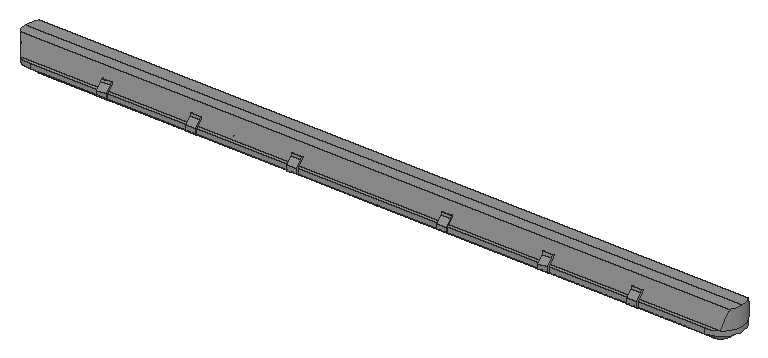
Revit family "ДСП-01 60 Вт 1500", category Осветительные приборы, Revit 2019 (continued)
Types (2, lengths in mm): name | Файл фотометрической сетки | built-in parameter 1150142 | built-in parameter 1150134 | built-in parameter 1150107 | Артикул | URL
  ДСП-01-ПП-60-1500-4К-IP65 | "INNOLUX 14 733 DSP-01-PP-60-1500-4K-IP65.ies" | "IESNA: LM-63-1995\r\n[TEST] lab - arhilight 1912726\r\n[MANUFAC] INNOLUX\r\n [LUMCAT] 14 733\r\n[LUMINAIRE] DSP-01-PP-60-1500-4Ê-IP65\r\n[LAMPCAT] LED 60W 4000K\r\n[MORE] \r\n[MORE]\r\n[LAMPCAT]\r\n[LAMP]  \r\n[BALLAST] NO\r\n[_PRODUCTGROUP] \r\n[_INFOLINK] This file is created by A.Arkhipov (www.arhilight.ru)\r\nTILT=NONE\r\n \r\n1 6771 6.7 161 73 1 2 1.49 0.095 0.075\r\n 1  1 60.0\r\n\r\n0 1 2 3 4 5 6 7 8 9 10 11 12 13 14 15 16 17 18 19 20 21 22 23 24 25 26 27 28 29 30 31 32 33 34 35 36 37 38 39 40 41 42 43 44 45 46 47 48 49 50 51 52 53 54 55 56 57 58 59 60 61 62 63 64 65 66 67 68 69 70 71 72 73 74 75 76 77 78 79 80 81 82 83 84 85 86 87 88 89 90 91 92 93 94 95 96 97 98 99 100 101 102 103 104 105 106 107 108 109 110 111 112 113 114 115 116 117 118 119 120 121 122 123 124 125 126 127 128 129 130 131 132 133 134 135 136 137 138 139 140 141 142 143 144 145 146 147 148 149 150 151 152 153 154 155 156 157 158 159 160\r\n\r\n0 2.5 5 7.5 10 12.5 15 17.5 20 22.5 25 27.5 30 32.5 35 37.5 40 42.5 45 47.5 50 52.5 55 57.5 60 62.5 65 67.5 70 72.5 75 77.5 80 82.5 85 87.5 90 92.5 95 97.5 100 102.5 105 107.5 110 112.5 115 117.5 120 122.5 125 127.5 130 132.5 135 137.5 140 142.5 145 147.5 150 152.5 155 157.5 160 162.5 165 167.5 170 172.5 175 177.5 180 \r\n\r\n292.3 292.5 292.5 292.5 292.3 292 291.6 291.2 290.6 289.9 289.1 288.3 287.3 286.1 284.9 283.6 282.2 280.7 279 277.4 275.5 273.6 271.6 269.5 267.4 265.1 262.7 260.3 257.6 255 252.3 249.4 246.5 243.5 240.5 237.2 234 230.7 227.4 223.8 220.3 216.6 213 209.1 205.4 201.4 197.4 193.4 189.4 185.2 181 176.7 172.3 167.9 163.4 158.8 154.2 149.5 144.9 140 135.3 130.4 125.6 120.7 115.8 110.8 105.8 100.8 95.7 90.5 85.5 80.3 75.2 70.1 65 59.9 55 49.9 45.1 40.3 35.6 31.1 26.7 22.7 18.9 15.4 12.3 9.6 7.4 5.9 4.9 4.4 4.2 4.2 4.2 4.1 4 4 3.9 3.9 3.9 3.9 3.9 3.8 3.8 3.8 3.8 3.7 3.7 3.7 3.7 3.6 3.6 3.6 3.6 3.6 3.6 3.6 3.6 3.6 3.6 3.5 3.5 3.5 3.5 3.6 3.5 3.6 3.6 3.6 3.6 3.6 3.6 3.6 3.6 3.6 3.6 3.7 3.7 3.7 3.7 3.7 3.7 3.8 3.7 3.8 3.8 3.8 3.8 3.8 0 0 0 0 0 0 0 0 0 0 0\r\n292.2 292.4 292.4 292.4 292.2 292 291.6 291.2 290.6 289.9 289.1 288.3 287.2 286.1 284.9 283.6 282.2 280.7 279 277.3 275.5 273.6 271.6 269.5 267.3 265 262.6 260.2 257.6 255 252.2 249.3 246.4 243.4 240.3 237.1 233.9 230.6 227.2 223.7 220.2 216.5 212.8 209 205.2 201.2 197.3 193.2 189.1 184.9 180.7 176.4 172.1 167.6 163.1 158.4 153.9 149.1 144.4 139.6 134.8 129.9 125.1 120.1 115.2 110.2 105.2 100.1 95 89.8 84.7 79.5 74.4 69.2 64.2 59.1 54.1 49.1 44.3 39.5 34.8 30.3 26 21.9 18.2 14.7 11.7 9.1 7.1 5.7 4.8 4.3 4.1 4.1 4 4 3.9 3.9 3.8 3.8 3.8 3.8 3.7 3.7 3.7 3.7 3.6 3.6 3.6 3.6 3.6 3.5 3.5 3.5 3.5 3.5 3.5 3.5 3.5 3.5 3.5 3.5 3.5 3.5 3.5 3.5 3.5 3.6 3.6 3.6 3.6 3.7 3.7 3.7 3.7 3.7 3.7 3.7 3.7 3.8 3.8 1.8 1.9 1.9 1.9 1.9 1.9 1.9 1.9 1.9 0 0 0 0 0 0 0 0 0 0 0\r\n292.1 292.2 292.3 292.3 292.2 292 291.6 291.2 290.6 289.9 289.1 288.2 287.2 286.1 284.9 283.6 282.2 280.7 279 277.3 275.5 273.6 271.6 269.5 267.3 265 262.6 260.2 257.6 254.9 252.1 249.3 246.3 243.3 240.2 237 233.8 230.5 227.1 223.6 220 216.4 212.7 208.8 205 201 197.1 193 188.9 184.7 180.4 176.1 171.8 167.3 162.8 158.1 153.5 148.8 144 139.2 134.4 129.4 124.6 119.6 114.7 109.5 104.5 99.4 94.3 89.1 84 78.7 73.5 68.4 63.4 58.2 53.2 48.2 43.4 38.7 34 29.6 25.2 21.1 17.4 14.1 11.1 8.7 6.8 5.5 4.7 4.2 4 3.9 3.9 3.9 3.8 3.8 3.7 3.7 3.7 3.6 3.6 3.6 3.6 3.5 3.5 3.5 3.5 3.5 3.5 3.4 3.5 3.4 3.4 3.4 3.4 3.5 3.4 3.5 3.4 3.5 3.5 3.5 3.5 3.5 3.6 3.6 3.6 3.6 3.6 3.7 3.7 3.7 3.7 3.7 3.8 3.8 3.8 3.8 3.8 0 0 0 0 0 0 0 0 0 0 0 0 0 0 0 0 0 0 0 0\r\n292 292.2 292.3 292.3 292.3 292 291.6 291.2 290.7 290 289.3 288.4 287.5 286.4 285.2 283.9 282.5 281 279.4 277.7 275.9 274 272 269.9 267.7 265.5 263.1 260.7 258 255.4 252.7 249.9 246.9 244 240.9 237.7 234.5 231.1 227.8 224.3 220.7 217.1 213.4 209.5 205.7 201.7 197.7 193.6 189.5 185.3 181.1 176.7 172.4 167.8 163.3 158.7 154.1 149.4 144.7 139.8 135 130.1 125.2 120.1 115.2 110.1 105 99.9 94.8 89.6 84.4 79.2 74.1 69 63.9 58.8 53.9 48.9 44.2 39.4 34.8 30.4 26.2 22.2 18.6 15.3 12.4 10 8.1 6.7 5.6 5 4.5 4.3 4.1 4 3.9 3.8 3.8 3.7 3.7 3.7 3.6 3.6 3.6 3.6 3.6 3.5 3.5 3.5 3.5 3.4 3.5 3.4 3.5 3.4 3.4 3.5 3.4 3.5 3.5 3.5 3.5 3.5 3.5 3.5 3.5 3.6 3.6 3.6 3.6 3.6 3.7 3.7 3.7 3.7 3.7 1.9 1.9 1.9 1.9 0 0 0 0 0 0 0 0 0 0 0 0 0 0 0 0 0 0 0 0\r\n292 292.1 292.4 292.3 292.3 292 291.7 291.3 290.7 290.2 289.4 288.6 287.7 286.6 285.5 284.2 282.7 281.3 279.7 278.1 276.3 274.4 272.5 270.4 268.2 266 263.6 261.2 258.5 256 253.3 250.5 247.6 244.6 241.6 238.4 235.2 231.8 228.4 224.9 221.4 217.7 214 210.2 206.4 202.4 198.4 194.3 190.2 185.9 181.7 177.3 173 168.4 163.9 159.3 154.7 150 145.3 140.4 135.6 130.7 125.8 120.7 115.8 110.6 105.5 100.4 95.2 90.1 84.9 79.8 74.7 69.5 64.5 59.4 54.6 49.6 44.9 40.2 35.6 31.3 27.1 23.3 19.7 16.5 13.7 11.3 9.4 7.8 6.6 5.7 5.1 4.6 4.3 4.1 3.9 3.9 3.8 3.8 3.8 3.7 3.7 3.6 3.6 3.6 3.6 3.6 3.6 3.6 3.5 3.5 3.5 3.5 3.5 3.5 3.5 3.5 3.4 3.5 3.5 3.5 3.4 3.5 3.5 3.5 3.5 3.6 3.6 3.5 3.6 3.6 3.6 3.6 3.6 3.7 3.6 0 0 0 0 0 0 0 0 0 0 0 0 0 0 0 0 0 0 0 0 0 0 0 0\r\n292 292.1 292.3 292.2 292.1 291.8 291.5 291 290.5 289.8 289.1 288.2 287.3 286.2 285 283.7 282.3 280.9 279.3 277.6 275.8 273.9 272 269.9 267.7 265.4 263.1 260.7 258 255.5 252.7 250 247 244.1 241 237.9 234.7 231.3 227.9 224.5 221 217.4 213.7 209.9 206.1 202.2 198.2 194.1 190.1 185.8 181.7 177.3 173 168.5 164.1 159.5 155 150.3 145.7 140.8 136.1 131.2 126.3 121.4 116.6 111.5 106.5 101.5 96.5 91.3 86.3 81.2 76.2 71.1 66.2 61.2 56.4 51.6 47 42.4 38 33.8 29.8 26 22.5 19.4 16.6 14.2 12.1 10.4 9 7.8 6.9 6.1 5.5 5.1 4.8 4.5 4.3 4.2 4.1 4 4 4 3.9 3.9 3.9 3.8 3.8 3.8 3.8 3.7 3.8 3.7 3.7 3.7 3.7 3.7 3.7 3.6 3.7 3.7 3.6 3.7 3.7 3.7 3.7 3.7 3.7 3.7 3.7 3.7 3.8 3.7 3.8 3.8 3.8 1.9 1.9 1.9 1.9 1.9 1.9 1.9 1.9 1.9 1.9 1.9 0 0 0 0 0 0 0 0 0 0 0 0 0\r\n291.9 292.1 292.1 292.1 291.9 291.7 291.3 290.8 290.3 289.5 288.8 287.9 286.9 285.8 284.6 283.3 281.9 280.4 278.8 277.1 275.3 273.4 271.5 269.3 267.2 264.9 262.5 260.1 257.6 254.9 252.2 249.4 246.5 243.6 240.4 237.3 234.1 230.8 227.5 224 220.6 217 213.4 209.6 205.8 201.9 198 193.9 189.9 185.7 181.6 177.4 173.1 168.7 164.3 159.8 155.3 150.6 146 141.2 136.5 131.7 126.9 122.1 117.3 112.4 107.6 102.6 97.7 92.6 87.7 82.6 77.7 72.7 67.8 62.9 58.3 53.6 49.1 44.7 40.4 36.4 32.4 28.8 25.4 22.3 19.5 17.1 14.8 12.9 11.3 9.9 8.7 7.7 6.8 6.1 5.6 5.1 4.8 4.5 4.4 4.3 4.3 4.3 4.2 4.2 4.1 4.1 4.1 4.1 4.1 4 4 4 3.9 4 3.9 3.9 3.9 3.8 3.9 3.9 3.9 3.9 3.9 3.8 3.9 3.9 3.9 3.9 3.9 3.8 3.9 3.9 3.9 3.9 3.9 3.9 3.8 3.8 3.8 3.8 3.8 3.8 3.8 3.9 3.9 3.9 0 0 0 0 0 0 0 0 0 0 0 0 0\r\n291.9 292.1 292.1 292 291.9 291.6 291.2 290.8 290.2 289.5 288.7 287.8 286.8 285.7 284.5 283.2 281.8 280.3 278.7 277.1 275.3 273.4 271.4 269.3 267.1 264.9 262.5 260.1 257.5 254.9 252.2 249.4 246.5 243.6 240.4 237.3 234.1 230.8 227.4 224 220.6 217 213.4 209.7 205.9 202 198.1 194.1 190.1 185.9 181.8 177.4 173.2 168.8 164.5 159.9 155.5 150.8 146.3 141.5 136.8 132 127.2 122.4 117.7 112.8 108 103.1 98.3 93.3 88.5 83.6 78.7 73.8 69 64.3 59.7 55.1 50.7 46.4 42.2 38.3 34.5 30.9 27.6 24.6 21.8 19.3 17.1 15.1 13.3 11.8 10.4 9.2 8.2 7.4 6.7 6 5.6 5.2 4.9 4.7 4.5 4.4 4.3 4.3 4.2 4.2 4.2 4.2 4.1 4.1 4.1 4 4 4 4 4 4 3.9 3.9 3.9 3.9 3.9 3.9 3.9 3.9 3.9 3.9 3.9 3.9 3.9 3.9 3.9 3.9 3.8 3.8 3.8 3.8 3.8 3.8 3.8 3.8 3.8 3.8 3.8 3.8 3.8 1.9 1.9 1.9 1.9 0 0 0 0 0 0 0 0 0\r\n291.9 292 292.1 292 291.8 291.6 291.2 290.8 290.1 289.5 288.7 287.8 286.8 285.6 284.4 283.1 281.7 280.3 278.7 277 275.2 273.3 271.3 269.3 267.1 264.8 262.5 260.1 257.5 254.9 252.2 249.4 246.5 243.6 240.5 237.3 234.1 230.8 227.4 224 220.5 217 213.4 209.7 206 202.1 198.2 194.2 190.2 186 181.9 177.5 173.3 168.9 164.6 160.1 155.7 151 146.5 141.8 137.1 132.3 127.6 122.7 118 113.2 108.4 103.6 98.9 94 89.3 84.5 79.7 74.9 70.3 65.6 61.2 56.6 52.3 48.1 44.1 40.2 36.6 33.1 29.8 26.9 24.1 21.6 19.3 17.3 15.3 13.6 12.1 10.8 9.6 8.7 7.8 7 6.4 5.8 5.4 5 4.7 4.5 4.5 4.4 4.4 4.3 4.3 4.3 4.2 4.2 4.2 4.1 4.1 4.1 4.1 4.1 4 4 4 4 4 4 4 4 4 3.9 4 3.9 3.9 3.9 3.9 3.9 3.8 3.8 3.8 3.8 3.8 3.8 3.8 3.8 3.8 3.8 3.8 3.8 3.8 3.8 3.8 3.8 3.8 3.9 0 0 0 0 0 0 0 0 0\r\n291.8 292 292.1 292 291.8 291.6 291.2 290.8 290.2 289.5 288.7 287.9 286.9 285.8 284.7 283.4 282 280.5 278.9 277.3 275.5 273.6 271.7 269.7 267.6 265.3 263 260.6 258.1 255.5 252.7 249.9 247.1 244.1 241.1 237.9 234.8 231.4 228.1 224.6 221.2 217.6 214 210.2 206.5 202.6 198.7 194.7 190.7 186.5 182.3 178 173.8 169.4 165 160.5 156.1 151.5 147 142.3 137.6 132.9 128.2 123.4 118.7 113.9 109.2 104.4 99.7 94.9 90.2 85.5 80.9 76.2 71.7 67.1 62.8 58.5 54.3 50.3 46.3 42.7 39.1 35.8 32.6 29.8 27 24.5 22.1 20 18 16.2 14.6 13.1 11.8 10.7 9.6 8.7 7.9 7.2 6.5 6 5.5 5.2 4.9 4.7 4.5 4.4 4.4 4.3 4.3 4.3 4.2 4.2 4.2 4.1 4.1 4.1 4.1 4.1 4.1 4.1 4.1 4.1 4 4 4.1 4 4.1 4.1 4.1 4.1 4 4.1 4 4 4 4.1 4 4 4.1 4 4.1 4.1 4.1 4.1 4.1 4.1 4.1 4.1 4.1 4.1 2.2 2.2 2.2 2.2 2.2 2.2 2.2 0 0\r\n291.8 291.9 292 292 291.8 291.6 291.2 290.8 290.2 289.6 288.8 288 287.1 286 284.9 283.6 282.2 280.8 279.2 277.5 275.8 273.9 272.1 270.1 268 265.9 263.5 261.2 258.6 256.1 253.3 250.5 247.7 244.7 241.7 238.5 235.4 232.1 228.8 225.3 221.8 218.2 214.6 210.8 207 203.1 199.2 195.1 191.1 186.9 182.8 178.5 174.2 169.8 165.5 161 156.6 152 147.4 142.8 138.2 133.4 128.8 124 119.3 114.6 109.9 105.2 100.5 95.8 91.2 86.5 82 77.4 73.1 68.6 64.5 60.3 56.3 52.4 48.6 45.1 41.7 38.5 35.5 32.6 29.9 27.3 24.9 22.7 20.7 18.8 17 15.4 14 12.7 11.4 10.3 9.4 8.5 7.7 7 6.4 5.8 5.3 4.9 4.7 4.5 4.4 4.4 4.3 4.3 4.3 4.3 4.2 4.2 4.2 4.2 4.2 4.2 4.2 4.2 4.1 4.2 4.1 4.1 4.2 4.2 4.2 4.2 4.2 4.2 4.2 4.3 4.2 4.3 4.3 4.3 4.3 4.3 4.3 4.3 4.3 4.3 4.4 4.3 4.4 4.4 4.4 4.4 4.4 4.4 4.4 4.4 4.4 4.4 4.4 4.4 4.4 0 0\r\n291.8 291.9 292 291.9 291.8 291.6 291.2 290.8 290.3 289.7 288.9 288.1 287.2 286.1 285 283.8 282.4 281 279.4 277.8 276 274.2 272.3 270.3 268.2 266.1 263.8 261.4 258.9 256.4 253.6 250.9 248 245.1 242.1 239 235.9 232.6 229.3 225.9 222.4 218.8 215.2 211.4 207.7 203.8 200 195.9 191.9 187.8 183.6 179.4 175.1 170.8 166.4 162 157.6 153 148.5 143.9 139.4 134.7 130.1 125.5 120.8 116.2 111.6 106.9 102.4 97.7 93.2 88.6 84.2 79.8 75.5 71.2 67.1 63 59 55.2 51.5 48 44.6 41.5 38.4 35.6 32.8 30.2 27.7 25.5 23.3 21.3 19.5 17.8 16.2 14.8 13.4 12.2 11.1 10.1 9.2 8.4 7.6 7 6.3 5.8 5.4 5 4.8 4.7 4.5 4.5 4.5 4.5 4.4 4.4 4.4 4.4 4.4 4.4 4.3 4.3 4.3 4.3 4.3 4.3 4.3 4.3 4.3 4.3 4.3 4.3 4.3 4.4 4.4 4.4 4.4 4.4 4.4 4.4 4.4 4.4 4.4 4.4 4.4 4.4 4.5 4.5 4.4 4.5 4.5 4.5 4.5 4.5 4.5 2.2 2.2 2.2 2.2 0 0\r\n291.7 291.9 292 291.9 291.7 291.5 291.2 290.8 290.3 289.7 289 288.2 287.3 286.3 285.1 283.9 282.6 281.1 279.6 278 276.3 274.5 272.5 270.6 268.4 266.3 264 261.6 259.1 256.6 253.9 251.2 248.4 245.5 242.5 239.4 236.4 233.1 229.8 226.4 223 219.4 215.8 212.1 208.4 204.5 200.7 196.7 192.7 188.6 184.5 180.3 176 171.7 167.4 163 158.6 154.1 149.7 145.1 140.6 136 131.5 126.9 122.4 117.8 113.3 108.7 104.2 99.6 95.2 90.8 86.4 82.1 77.9 73.7 69.7 65.6 61.8 58 54.4 50.9 47.6 44.4 41.4 38.5 35.7 33.1 30.6 28.3 26 23.9 22 20.2 18.4 16.9 15.4 14.1 12.8 11.8 10.7 9.7 8.9 8.1 7.4 6.7 6.1 5.6 5.3 4.9 4.8 4.8 4.7 4.7 4.7 4.6 4.6 4.6 4.5 4.5 4.5 4.5 4.4 4.4 4.4 4.4 4.4 4.4 4.4 4.4 4.4 4.4 4.5 4.5 4.5 4.5 4.5 4.5 4.5 4.5 4.5 4.5 4.5 4.5 4.5 4.5 4.5 4.5 4.5 4.6 4.6 4.5 4.6 4.6 4.6 0 0 0 0 0 0\r\n291.8 291.9 292 291.9 291.7 291.5 291.1 290.7 290.2 289.6 288.8 288 287 286 284.9 283.7 282.3 280.9 279.3 277.7 275.9 274.2 272.2 270.2 268.1 265.9 263.6 261.3 258.8 256.2 253.5 250.8 248 245.1 242.1 239 235.9 232.6 229.3 225.9 222.5 218.9 215.3 211.5 207.8 204 200.1 196.1 192.1 188 184 179.7 175.5 171.2 167 162.6 158.3 153.8 149.4 144.9 140.5 136 131.6 127 122.6 118.1 113.6 109.1 104.8 100.3 96 91.7 87.4 83.2 79.2 75.1 71.2 67.2 63.5 59.8 56.3 52.9 49.7 46.6 43.5 40.7 37.9 35.3 32.8 30.5 28.2 26.1 24.1 22.2 20.5 18.8 17.3 15.9 14.5 13.3 12.2 11.1 10.1 9.3 8.4 7.7 6.9 6.3 5.8 5.4 5 4.9 4.7 4.6 4.6 4.6 4.6 4.5 4.5 4.5 4.4 4.4 4.4 4.4 4.4 4.3 4.3 4.4 4.3 4.3 4.3 4.4 4.4 4.4 4.4 4.4 4.4 4.4 4.5 4.4 4.5 4.4 4.5 4.4 4.5 4.5 4.5 4.5 4.5 4.5 4.5 4.5 4.6 4.5 4.6 2.2 2.2 2.2 2.2 2.2 2.3\r\n291.8 291.9 292 291.9 291.7 291.4 291 290.5 290 289.4 288.6 287.8 286.8 285.8 284.6 283.4 282 280.6 279 277.4 275.6 273.8 271.9 269.9 267.8 265.6 263.3 260.9 258.4 255.9 253.2 250.4 247.6 244.6 241.6 238.5 235.4 232 228.8 225.3 221.9 218.3 214.7 211 207.2 203.4 199.5 195.5 191.6 187.5 183.4 179.2 175.1 170.8 166.5 162.3 157.9 153.5 149.2 144.8 140.5 136 131.6 127.2 122.8 118.4 114 109.6 105.3 101 96.8 92.6 88.5 84.4 80.4 76.4 72.6 68.8 65.2 61.6 58.2 54.9 51.8 48.7 45.7 42.9 40.1 37.5 35 32.7 30.4 28.3 26.2 24.3 22.5 20.8 19.2 17.6 16.2 14.9 13.7 12.5 11.4 10.4 9.5 8.6 7.8 7 6.4 5.8 5.3 4.9 4.7 4.6 4.5 4.5 4.5 4.5 4.4 4.4 4.4 4.4 4.3 4.3 4.3 4.3 4.3 4.3 4.3 4.3 4.3 4.3 4.3 4.4 4.3 4.3 4.4 4.4 4.4 4.4 4.4 4.4 4.4 4.4 4.4 4.4 4.4 4.5 4.5 4.4 4.5 4.5 4.5 4.5 4.5 4.5 4.5 4.5 4.5 4.5 4.5\r\n291.7 291.9 291.9 291.8 291.6 291.4 291 290.5 289.9 289.3 288.6 287.7 286.7 285.7 284.5 283.3 281.9 280.5 278.9 277.3 275.5 273.7 271.8 269.8 267.7 265.6 263.2 260.8 258.3 255.8 253.1 250.4 247.5 244.6 241.6 238.5 235.4 232.1 228.8 225.4 222 218.4 214.9 211.1 207.4 203.6 199.8 195.8 191.9 187.8 183.8 179.6 175.5 171.3 167.1 162.8 158.6 154.2 149.9 145.6 141.3 136.9 132.6 128.2 123.9 119.5 115.2 110.9 106.7 102.5 98.3 94.2 90.1 86.1 82.2 78.3 74.6 70.9 67.4 63.9 60.5 57.3 54.1 51.1 48.1 45.3 42.6 40 37.5 35.1 32.8 30.6 28.5 26.5 24.6 22.9 21.2 19.6 18.1 16.7 15.4 14.1 13 11.9 10.9 9.9 9 8.1 7.3 6.7 6 5.6 5.2 5 4.8 4.7 4.7 4.6 4.6 4.6 4.5 4.5 4.5 4.5 4.5 4.4 4.4 4.5 4.5 4.4 4.4 4.5 4.5 4.5 4.5 4.5 4.5 4.5 4.5 4.5 4.6 4.5 4.6 4.5 4.6 4.6 4.5 4.6 4.6 4.6 4.6 4.6 4.6 4.6 4.6 4.6 4.6 4.6 4.6 4.6 4.6\r\n291.7 291.8 291.8 291.7 291.6 291.3 291 290.4 289.8 289.3 288.5 287.6 286.6 285.6 284.4 283.2 281.8 280.4 278.8 277.2 275.5 273.7 271.8 269.8 267.6 265.5 263.1 260.7 258.3 255.7 253 250.3 247.5 244.6 241.6 238.5 235.4 232.1 228.9 225.5 222 218.4 215 211.3 207.6 203.8 200 196.1 192.2 188.2 184.2 180.1 176 171.8 167.7 163.4 159.2 154.9 150.7 146.3 142.1 137.8 133.5 129.2 124.9 120.6 116.4 112.2 108.1 104 99.9 95.8 91.8 87.9 84 80.2 76.6 73 69.5 66.1 62.7 59.6 56.4 53.5 50.5 47.7 45 42.4 39.9 37.5 35.1 32.9 30.8 28.8 26.8 25 23.2 21.5 20 18.5 17.1 15.8 14.5 13.4 12.3 11.3 10.3 9.3 8.3 7.5 6.8 6.2 5.7 5.3 5.1 4.9 4.8 4.8 4.8 4.7 4.7 4.7 4.6 4.6 4.6 4.6 4.6 4.6 4.6 4.6 4.6 4.6 4.6 4.7 4.6 4.6 4.7 4.7 4.7 4.7 4.7 4.7 4.7 4.7 4.7 4.7 4.7 4.7 4.7 4.7 4.7 4.7 4.7 4.7 4.7 4.7 4.8 4.7 4.7 4.7 4.7\r\n291.7 291.8 291.8 291.7 291.5 291.3 290.9 290.4 289.8 289.2 288.4 287.6 286.6 285.6 284.4 283.2 281.8 280.4 278.9 277.3 275.6 273.8 271.9 269.9 267.7 265.6 263.3 260.9 258.4 255.9 253.2 250.5 247.7 244.8 241.8 238.7 235.6 232.3 229.1 225.7 222.3 218.7 215.2 211.5 207.8 204.1 200.3 196.4 192.6 188.6 184.6 180.5 176.5 172.4 168.3 164.1 159.9 155.7 151.5 147.2 143.1 138.8 134.6 130.3 126.2 122 117.8 113.7 109.6 105.5 101.6 97.5 93.6 89.8 86 82.3 78.7 75.2 71.8 68.4 65.1 62 58.8 55.9 52.9 50.1 47.4 44.8 42.2 39.8 37.4 35.2 33 31 28.9 27.1 25.2 23.5 21.9 20.3 18.9 17.5 16.1 14.9 13.7 12.6 11.6 10.5 9.5 8.6 7.8 7 6.4 5.9 5.5 5.2 5 4.9 4.8 4.8 4.7 4.7 4.7 4.7 4.7 4.6 4.6 4.6 4.6 4.6 4.6 4.6 4.7 4.7 4.7 4.7 4.7 4.7 4.7 4.7 4.7 4.7 4.7 4.7 4.7 4.7 4.7 4.7 4.7 4.7 4.7 4.7 4.7 4.7 4.7 4.7 4.7 4.7 4.7 4.7 4.7\r\n291.7 291.7 291.8 291.7 291.5 291.3 290.9 290.4 289.8 289.2 288.4 287.6 286.6 285.6 284.4 283.2 281.9 280.5 279 277.4 275.6 273.9 271.9 270 267.8 265.7 263.4 261 258.5 256.1 253.4 250.7 247.9 245 242 238.9 235.8 232.6 229.3 226 222.5 219 215.5 211.8 208.1 204.3 200.6 196.7 192.9 189 185.1 181 177.1 173 168.9 164.8 160.6 156.5 152.4 148.1 144 139.8 135.7 131.5 127.4 123.3 119.2 115.1 111.2 107.1 103.2 99.2 95.5 91.7 88 84.4 80.9 77.3 74 70.7 67.4 64.3 61.2 58.3 55.3 52.5 49.8 47.2 44.6 42.2 39.8 37.5 35.3 33.2 31.1 29.2 27.3 25.5 23.8 22.2 20.6 19.2 17.8 16.4 15.2 14 12.9 11.8 10.8 9.7 8.7 7.9 7.1 6.5 5.9 5.4 5.1 4.9 4.8 4.8 4.8 4.8 4.7 4.7 4.7 4.6 4.6 4.7 4.7 4.6 4.7 4.6 4.7 4.7 4.7 4.7 4.6 4.7 4.6 4.7 4.7 4.7 4.7 4.7 4.7 4.7 4.7 4.7 4.7 4.7 4.7 4.7 4.7 4.7 4.7 4.7 4.7 4.7 4.7
